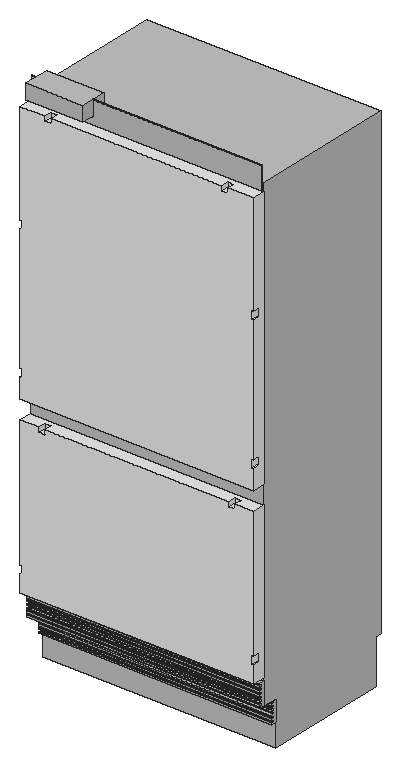
Revit family "FP_Revit_18_RS9120WLJ1_Fridge_90001178A", category Specialty Equipment, Revit 2018 (continued)
Definition of nested family "F&P Handle Kit - Contemporary Round - Horizontal"
  Parameters (values of type "25374 AHS-ASBI-A - Contemporary round handle (2 of 2) (Horizontal) 746mm")
    Manufacturer = "Fisher & Paykel Appliances"
    Description = "Kit for RS36A"
  Types (11, lengths in mm): name | Product - Width | Description
    (no name) | 746 | "Kit for RS36A"
    AHSRD2484W - Contemporary round handle (2 of 2) (Horizontal) 494mm | 494 | ""
    AHSRD3084W - Contemporary round handle (2 of 2) (Horizontal) 646mm | 646 | ""
    AHSRS3272A - Contemporary round handle (2 of 2) (Horizontal) 646mm | 646 | ""
    AHSRS80A - Contemporary round handle (2 of 2) (Horizontal) 646mm | 646 | ""
    AHSRD6121W - Contemporary round handle (2 of 2) (Horizontal) 494mm | 494 | ""
    AHSRD7621W - Contemporary round handle (2 of 2) (Horizontal) 646mm | 646 | ""
    25374 AHS-ASBI-A - Contemporary round handle (2 of 2) (Horizontal) 746mm | 746 | "Kit for RS36A"
    25329 AHS-ASBI-A - Contemporary round handle (2 of 2) (Horizontal) 746mm | 746 | "Kit for RS90"
    25380 AHS-ASBI-B - Contemporary round handle (2 of 2) (Horizontal) 746mm | 746 | "Kit for RS36"
    25339 AHS-ASBI-B - Contemporary round handle (2 of 2) (Horizontal) 746mm | 746 | "Kit for RS9120W"
  Reference planes
    plane 1 "Center (Front/Back)": y = 0
    plane 2: z = 0
    plane 3 "Center (Left/Right)": x = 0
    plane 4 "Product LHS": x = -373
    plane 5 "Product RHS": x = 373
    plane 6 "LHS Standoff": x = -252.995
    plane 7 "RHS Standoff": x = 253.005
  Forms (mm)
    Extrusion 1, solid, material <- "Material - Handle"
      sketch origin (0, 0, 0) x (0, 1, 0) y (0, 0, 1)
        loop
          circle (-32.3, 0) r 8.7
      from -252.995 to 253.005
    Extrusion 2, solid, material <- "Material - Handle", detail levels fine
      sketch origin (0, 0, 0) x (0, 1, 0) y (0, 0, 1)
        loop
          line (0, 8.7) -> (-32.3, 8.7)
          arc (-32.3, 8.7) -> (-41, 0) -> (-32.3, -8.7) r 8.7
          line (-32.3, -8.7) -> (0, -8.7) -> (0, 8.7)
      from 253.005 to 373
    Extrusion 3, solid, material <- "Material - Handle", detail levels fine
      sketch origin (0, 0, 0) x (0, 1, 0) y (0, 0, -1)
        loop
          line (0, -8.7) -> (0, 8.7) -> (-32.3, 8.7)
          arc (-32.3, 8.7) -> (-41, 0) -> (-32.3, -8.7) r 8.7
          line (-32.3, -8.7) -> (0, -8.7)
      from 252.995 to 373
    Sweep 4, void
      path in 3D
        loop
          line (373, 0, 8.7) -> (373, -32.3, 8.7)
          arc (373, -32.3, 8.7) -> (373, -41, 0) -> (373, -32.3, -8.7) r 8.7
          line (373, -32.3, -8.7) -> (373, 0, -8.7)
      profile origin (373, -16.15, 8.7) x (1, 0, 0) y (0, 0, 1)
        loop
          line (0, 0) -> (-1, 0) -> (0, -1) -> (0, 0)
    Sweep 5, void
      path in 3D
        loop
          line (-373, 0, -8.7) -> (-373, -32.3, -8.7)
          arc (-373, -32.3, -8.7) -> (-373, -41, 0) -> (-373, -32.3, 8.7) r 8.7
          line (-373, -32.3, 8.7) -> (-373, 0, 8.7)
      profile origin (-373, -16.15, 8.7) x (-1, 0, 0) y (0, 0, 1)
        loop
          line (0, 0) -> (-1, 0) -> (0, -1) -> (0, 0)
    Extrusion 6, solid, material <- "Material - Handle", detail levels coarse+medium
      sketch origin (0, 0, 0) x (0, 1, 0) y (0, 0, 1)
        loop
          line (0, 8.7) -> (-32.3, 8.7)
          arc (-32.3, 8.7) -> (-41, 0) -> (-32.3, -8.7) r 8.7
          line (-32.3, -8.7) -> (0, -8.7) -> (0, 8.7)
      from 253.005 to 373
    Extrusion 7, solid, material <- "Material - Handle", detail levels coarse+medium
      sketch origin (0, 0, 0) x (0, 1, 0) y (0, 0, -1)
        loop
          line (0, -8.7) -> (0, 8.7) -> (-32.3, 8.7)
          arc (-32.3, 8.7) -> (-41, 0) -> (-32.3, -8.7) r 8.7
          line (-32.3, -8.7) -> (0, -8.7)
      from 252.995 to 373
  Cuts and joins
    Sweep 4 cuts Extrusion 2
    Sweep 5 cuts Extrusion 3
  Lines and regions (mm)
    sketch lines
      curve 1: line (373, 0, 8.7) -> (373, -32.3, 8.7)
      curve 2: arc (373, -32.3, -8.7) -> (373, -41, 0) -> (373, -32.3, 8.7) r 8.7
      curve 3: line (373, -32.3, -8.7) -> (373, 0, -8.7)
      curve 4: line (-373, -32.3, 8.7) -> (-373, 0, 8.7)
      curve 5: arc (-373, -32.3, 8.7) -> (-373, -41, 0) -> (-373, -32.3, -8.7) r 8.7
      curve 6: line (-373, 0, -8.7) -> (-373, -32.3, -8.7)
  Dimensions and locks
    equal spacing: plane 4 "Product LHS", plane 3 "Center (Left/Right)", plane 5 "Product RHS"
    "Product - Width": plane 4 "Product LHS" to plane 5 "Product RHS"
    locked: plane 4 "Product LHS" to plane 6 "LHS Standoff" at 120.005
    locked: plane 7 "RHS Standoff" to plane 5 "Product RHS" at 119.995
    equal spacing: Extrusion 2 sketch curve, level, Extrusion 2 sketch curve
    Extrusion 3 sketch curve to Extrusion 3 sketch curve = 17.4 mm
    Extrusion 6 sketch curve to Extrusion 6 sketch curve = 17.4 mm
    Extrusion 7 sketch curve to Extrusion 7 sketch curve = 17.4 mm
    aligned and locked: level to plane 2
    aligned and locked: plane 7 "RHS Standoff" to Extrusion 1
    aligned and locked: Extrusion 2 to Extrusion 1
    aligned and locked: Extrusion 2 to plane 5 "Product RHS"
    aligned and locked: plane 4 "Product LHS" to Extrusion 3
    aligned and locked: plane 6 "LHS Standoff" to Extrusion 3
    aligned and locked: Extrusion 1 to plane 6 "LHS Standoff"
    aligned and locked: Extrusion 6 to Extrusion 1
    aligned and locked: Extrusion 6 to plane 5 "Product RHS"
    aligned and locked: plane 4 "Product LHS" to Extrusion 7
    aligned and locked: Extrusion 7 to Extrusion 1
  Automatic sketch dimensions
    Extrusion 1 sketch curve to level = 0 mm
    plane 1 "Center (Front/Back)" to Extrusion 1 sketch curve = 32.3 mm
    Extrusion 2 sketch curve to plane 1 "Center (Front/Back)" = 0 mm
    Extrusion 2 sketch curve to level = 8.7 mm
    plane 1 "Center (Front/Back)" to Extrusion 2 sketch curve = 32.3 mm
    Extrusion 3 sketch curve to level = 0 mm
    Extrusion 3 sketch curve to plane 1 "Center (Front/Back)" = 0 mm
    Extrusion 3 sketch curve to level = 8.7 mm
    plane 1 "Center (Front/Back)" to Extrusion 3 sketch curve = 32.3 mm
    Sweep 4 sketch curve to profile plane = 0 mm
    profile plane to Sweep 4 sketch curve = 0 mm
    profile plane to Sweep 4 sketch curve = 1 mm
    Sweep 4 sketch curve to profile plane = 1 mm
    Sweep 5 sketch curve to profile plane = 0 mm  (x2)
    profile plane to Sweep 5 sketch curve = 1 mm
    Sweep 5 sketch curve to profile plane = 1 mm
    Extrusion 6 sketch curve to level = 0 mm
    level to Extrusion 6 sketch curve = 8.7 mm
    plane 1 "Center (Front/Back)" to Extrusion 6 sketch curve = 32.3 mm
    Extrusion 6 sketch curve to Extrusion 6 sketch curve = 32.3 mm
    Extrusion 7 sketch curve to level = 0 mm
    level to Extrusion 7 sketch curve = 8.7 mm
    plane 1 "Center (Front/Back)" to Extrusion 7 sketch curve = 32.3 mm
    Extrusion 7 sketch curve to Extrusion 7 sketch curve = 32.3 mm
    radius of Extrusion 1 sketch curve = 8.7 mm
Definition of nested family "F&P Handle Kit - Contemporary Round - Vertical"
  Parameters (values of type "25329 AHS-ASBI-A - Contemporary round handle (1 of 2) (Vertical) 727mm")
    URL = "www.fisherpaykel.com"
    Material - Handle = none
    Manufacturer = "Fisher & Paykel Appliances"
    Handle - Length = 727 mm
    Description = "Kit for RS90A"
  Types (12, lengths in mm): name | Handle - Length | Description
    AHS-RD21 - Contemporary round handle (Vertical) 852mm | 852 | ""
    AHSRD2484W - Contemporary round handle (1 of 2) (Vertical) 727mm | 727 | ""
    AHSRD3084W - Contemporary round handle (1 of 2) (Vertical) 727mm | 727 | ""
    AHS-RD84 - Contemporary round handle (Vertical) 852mm | 852 | ""
    AHSRS3272A - Contemporary round handle (1 of 2) (Vertical) 727mm | 727 | ""
    AHSRS80A - Contemporary round handle (1 of 2) (Vertical) 727mm | 727 | ""
    AHSRD6121W - Contemporary round handle (1 of 2) (Vertical) 727mm | 727 | ""
    AHSRD7621W - Contemporary round handle (1 of 2) (Vertical) 727mm | 727 | ""
    25329 AHS-ASBI-A - Contemporary round handle (1 of 2) (Vertical) 727mm | 727 | "Kit for RS90A"
    25374 AHS-ASBI-A - Contemporary round handle (1 of 2) (Vertical) 727mm | 727 | "kit for RS36A"
    25380 AHS-ASBI-B - Contemporary round handle (1 of 2) (Vertical) 727mm | 727 | "kit for RS36W"
    25339 AHS-ASBI-B - Contemporary round handle (1 of 2) (Vertical) 727mm | 727 | "Kit for RS9120"
  Reference planes
    plane 1 "Center (Front/Back)": y = 0
    plane 2: z = 0
    plane 3 "Center (Left/Right)": x = 0
    plane 4 "Top": z = 363.5
    plane 5 "Bottom": z = -363.5
    plane 6 "Top Standoff": z = 243.5
    plane 7 "Bottom Standoff": z = -243.5
  Forms (mm)
    Extrusion 1, solid, material <- "Material - Handle"
      sketch origin (0, 0, 0) x (1, 0, 0) y (0, 1, 0)
        loop
          circle (0, -32.3) r 8.7
      from -243.5 to 243.5
    Extrusion 2, solid, material <- "Material - Handle", detail levels fine
      sketch origin (0, 0, 0) x (1, 0, 0) y (0, 1, 0)
        loop
          line (-8.7, 0) -> (-8.7, -32.3)
          arc (-8.7, -32.3) -> (0, -41) -> (8.7, -32.3) r 8.7
          line (8.7, -32.3) -> (8.7, 0) -> (-8.7, 0)
      from 243.5 to 363.5
    Extrusion 3, solid, material <- "Material - Handle", detail levels fine
      sketch origin (0, 0, 0) x (1, 0, 0) y (0, 1, 0)
        loop
          line (-8.7, 0) -> (-8.7, -32.3)
          arc (-8.7, -32.3) -> (0, -41) -> (8.7, -32.3) r 8.7
          line (8.7, -32.3) -> (8.7, 0) -> (-8.7, 0)
      from -363.5 to -243.5
    Sweep 4, void
      path in 3D
        loop
          line (8.7, 0, -363.5) -> (8.7, -32.3, -363.5)
          arc (8.7, -32.3, -363.5) -> (0, -41, -363.5) -> (-8.7, -32.3, -363.5) r 8.7
          line (-8.7, -32.3, -363.5) -> (-8.7, 0, -363.5)
      profile origin (8.7, -16.15, -363.5) x (-1, 0, 0) y (0, 0, -1)
        loop
          line (0, 0) -> (0, -1) -> (1, 0) -> (0, 0)
    Sweep 5, void
      path in 3D
        loop
          line (-8.7, 0, 363.5) -> (-8.7, -32.3, 363.5)
          arc (-8.7, -32.3, 363.5) -> (0, -41, 363.5) -> (8.7, -32.3, 363.5) r 8.7
          line (8.7, -32.3, 363.5) -> (8.7, 0, 363.5)
      profile origin (8.7, -16.15, 363.5) x (-1, 0, 0) y (0, 0, 1)
        loop
          line (0, 0) -> (0, -1) -> (1, 0) -> (0, 0)
    Extrusion 6, solid, material <- "Material - Handle", detail levels coarse+medium
      sketch origin (0, 0, 0) x (1, 0, 0) y (0, 1, 0)
        loop
          line (-8.7, 0) -> (-8.7, -32.3)
          arc (-8.7, -32.3) -> (0, -41) -> (8.7, -32.3) r 8.7
          line (8.7, -32.3) -> (8.7, 0) -> (-8.7, 0)
      from 243.5 to 363.5
    Extrusion 7, solid, material <- "Material - Handle", detail levels coarse+medium
      sketch origin (0, 0, 0) x (1, 0, 0) y (0, 1, 0)
        loop
          line (-8.7, 0) -> (-8.7, -32.3)
          arc (-8.7, -32.3) -> (0, -41) -> (8.7, -32.3) r 8.7
          line (8.7, -32.3) -> (8.7, 0) -> (-8.7, 0)
      from -363.5 to -243.5
  Cuts and joins
    Sweep 4 cuts Extrusion 3
    Sweep 5 cuts Extrusion 2
  Lines and regions (mm)
    sketch lines
      curve 1: line (8.7, 0, -363.5) -> (8.7, -32.3, -363.5)
      curve 2: arc (-8.7, -32.3, -363.5) -> (0, -41, -363.5) -> (8.7, -32.3, -363.5) r 8.7
      curve 3: line (-8.7, -32.3, -363.5) -> (-8.7, 0, -363.5)
      curve 4: line (8.7, -32.3, 363.5) -> (8.7, 0, 363.5)
      curve 5: arc (8.7, -32.3, 363.5) -> (0, -41, 363.5) -> (-8.7, -32.3, 363.5) r 8.7
      curve 6: line (-8.7, 0, 363.5) -> (-8.7, -32.3, 363.5)
  Dimensions and locks
    equal spacing: plane 4 "Top", level, plane 5 "Bottom"
    "Handle - Length": plane 4 "Top" to plane 5 "Bottom"
    locked: plane 4 "Top" to plane 6 "Top Standoff" at 120
    locked: plane 7 "Bottom Standoff" to plane 5 "Bottom" at 120
    Extrusion 2 sketch curve to Extrusion 2 sketch curve = 17.4 mm
    Extrusion 3 sketch curve to Extrusion 3 sketch curve = 17.4 mm
    Extrusion 6 sketch curve to Extrusion 6 sketch curve = 17.4 mm
    Extrusion 7 sketch curve to Extrusion 7 sketch curve = 17.4 mm
    aligned and locked: level to plane 2
    aligned and locked: plane 4 "Top" to Extrusion 2
    aligned and locked: Extrusion 3 to plane 5 "Bottom"
    aligned and locked: plane 7 "Bottom Standoff" to Extrusion 3
    aligned and locked: Extrusion 1 to plane 7 "Bottom Standoff"
    aligned and locked: plane 6 "Top Standoff" to Extrusion 1
    aligned and locked: Extrusion 2 to Extrusion 1
    aligned and locked: Extrusion 6 to Extrusion 1
    aligned and locked: plane 4 "Top" to Extrusion 6
    aligned and locked: Extrusion 7 to Extrusion 1
    aligned and locked: Extrusion 7 to plane 5 "Bottom"
  Automatic sketch dimensions
    Extrusion 1 sketch curve to plane 3 "Center (Left/Right)" = 0 mm
    plane 1 "Center (Front/Back)" to Extrusion 1 sketch curve = 32.3 mm
    plane 1 "Center (Front/Back)" to Extrusion 2 sketch curve = 0 mm
    Extrusion 2 sketch curve to plane 3 "Center (Left/Right)" = 0 mm
    Extrusion 2 sketch curve to plane 3 "Center (Left/Right)" = 8.7 mm
    plane 1 "Center (Front/Back)" to Extrusion 2 sketch curve = 32.3 mm
    plane 1 "Center (Front/Back)" to Extrusion 3 sketch curve = 0 mm
    Extrusion 3 sketch curve to plane 3 "Center (Left/Right)" = 0 mm
    Extrusion 3 sketch curve to plane 3 "Center (Left/Right)" = 8.7 mm
    plane 1 "Center (Front/Back)" to Extrusion 3 sketch curve = 32.3 mm
    Sweep 4 sketch curve to profile plane = 0 mm  (x2)
    Sweep 4 sketch curve to profile plane = 1 mm  (x2)
    Sweep 5 sketch curve to profile plane = 0 mm  (x2)
    Sweep 5 sketch curve to profile plane = 1 mm  (x2)
    Extrusion 6 sketch curve to plane 3 "Center (Left/Right)" = 0 mm
    Extrusion 6 sketch curve to plane 3 "Center (Left/Right)" = 8.7 mm
    plane 1 "Center (Front/Back)" to Extrusion 6 sketch curve = 32.3 mm
    Extrusion 6 sketch curve to Extrusion 6 sketch curve = 32.3 mm
    Extrusion 7 sketch curve to plane 3 "Center (Left/Right)" = 0 mm
    Extrusion 7 sketch curve to plane 3 "Center (Left/Right)" = 8.7 mm
    plane 1 "Center (Front/Back)" to Extrusion 7 sketch curve = 32.3 mm
    Extrusion 7 sketch curve to Extrusion 7 sketch curve = 32.3 mm
    radius of Extrusion 1 sketch curve = 8.7 mm
Definition of nested family "Visibility Control Note 18"
  Reference planes
    plane 1: y = 0
    plane 2: x = 0
  Text (mm)
    text "Edit Type: \nTo control handle kit \nand door panel visibility\n options\n\nDelete unwanted kits \nto reduce file size" at (-0.165, 35.556, 0)
